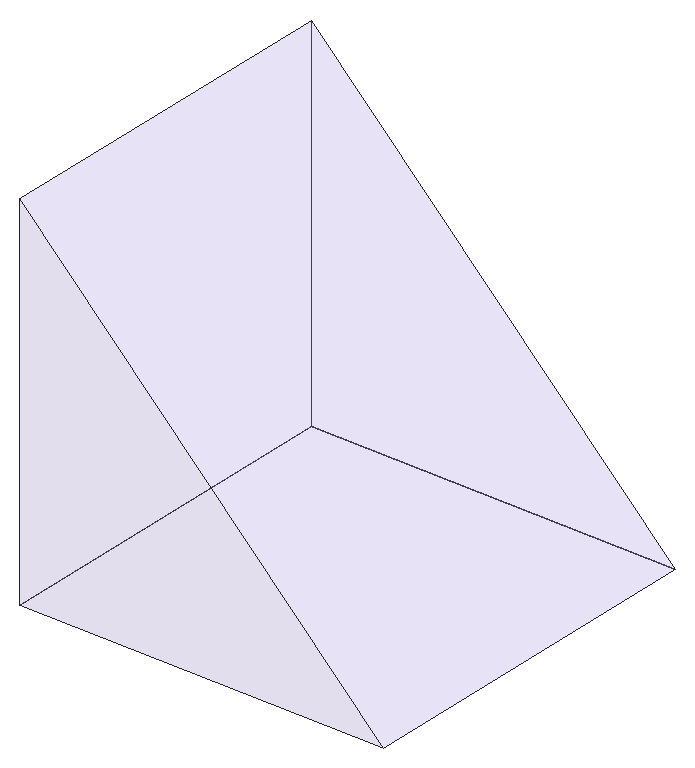
Revit family
Parameters (values of type "Right")
  Width [instance] = 30' - 0"
  Mass Material [instance] = Default Mass
  Height [instance] = 30' - 0"
  Depth [instance] = 30' - 0"
  Default Elevation = 4' - 0"
Reference planes (in)
  plane 1 "Center (Front/Back)": y = 0.51003
  plane 2: z = 0
  plane 3 "Center (Left/Right)": x = -1.19137
  plane 4: y = 180.51003
  plane 5: x = 178.80863
  plane 6: x = -181.19137
  plane 7: y = -179.48997
  plane 8: z = 360
Forms (in)
  Extrusion 1, solid, material "Default Mass" <- "Mass Material"
    sketch origin (0, 0.51003, 0) x (1, 0, 0) y (0, 0, 1)
      loop
        line (178.80863, 0) -> (-181.19137, 360) -> (-181.19137, 0) -> (178.80863, 0)
    from -180 to 180
Dimensions and locks (in)
  equal spacing: plane 6, plane 3 "Center (Left/Right)", plane 5
  "Width": plane 6 to plane 5
  equal spacing: plane 4, plane 1 "Center (Front/Back)", plane 7
  "Depth": plane 4 to plane 7
  "Height": plane 8 to plane 2
  locked: plane 2 to level
  aligned and locked: plane 5 to Extrusion 1 sketch curve
  aligned and locked: plane 6 to Extrusion 1 sketch curve
  aligned and locked: plane 2 to Extrusion 1 sketch curve
  aligned and locked: plane 8 to Extrusion 1 sketch curve
  aligned and locked: Extrusion 1 to plane 4
  aligned and locked: Extrusion 1 to plane 7
